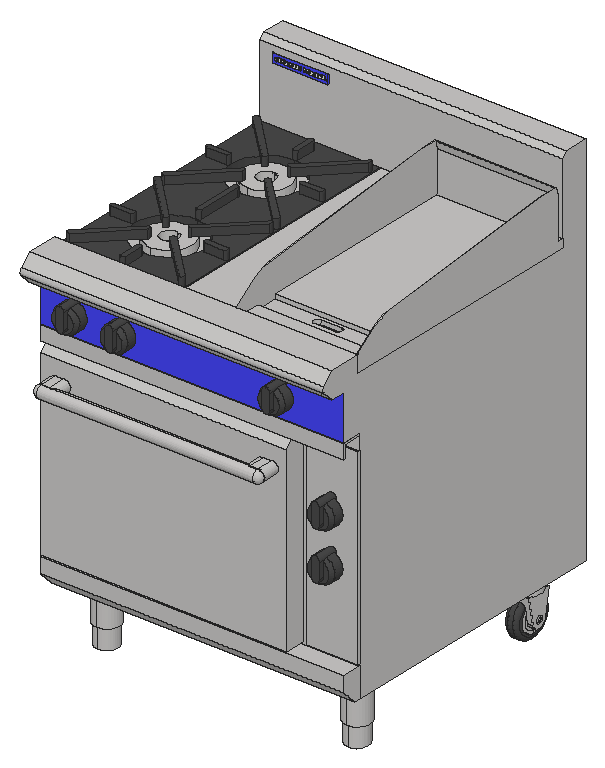
Revit family "QF_MOFFAT_BLUESEAL_CE_GE505C", category Specialty Equipment, Revit 2012 (continued)
Automatic sketch dimensions
  curve 86 to curve 118 = 11.403 mm
  curve 86 to curve 80 = 18 mm
  curve 88 to curve 82 = 18 mm
  curve 82 to curve 83 = 8 mm
  curve 84 to curve 85 = 8 mm
  curve 80 to curve 81 = 8 mm
  plane 14 to curve 76 = 2.963 mm
  curve 74 to curve 75 = 8 mm
  curve 78 to curve 79 = 8 mm
  curve 76 to curve 76 = 8 mm
  curve 74 to curve 69 = 18 mm
  curve 78 to curve 72 = 18 mm
  curve 76 to curve 70 = 18 mm
  curve 68 to curve 68 = 8 mm
  curve 72 to curve 72 = 8 mm
  curve 70 to curve 70 = 8 mm
  curve 114 to plane 8 "Center X" = 42.358 mm
  curve 70 to curve 64 = 18 mm
  curve 68 to curve 63 = 18 mm
  curve 72 to curve 67 = 18 mm
  curve 62 to curve 63 = 8 mm
  curve 66 to curve 67 = 8 mm
  curve 64 to curve 65 = 8 mm
  plane 8 "Center X" to curve 125 = 6.73 mm
  plane 8 "Center X" to curve 58 = 10.963 mm
  curve 125 to curve 7 = 8.27 mm
  curve 60 to curve 61 = 8 mm
  curve 58 to curve 58 = 8 mm
  curve 56 to curve 56 = 8 mm
  curve 7 to curve 130 = 8.27 mm
  curve 56 to curve 51 = 18 mm
  curve 60 to curve 55 = 18 mm
  curve 58 to curve 53 = 18 mm
  curve 50 to curve 51 = 8 mm
  curve 52 to curve 53 = 8 mm
  curve 54 to curve 54 = 8 mm
  plane 8 "Center X" to curve 114 = 74.222 mm
  curve 54 to curve 48 = 18 mm
  curve 52 to curve 47 = 18 mm
  curve 50 to curve 44 = 18 mm
  curve 48 to curve 49 = 8 mm
  curve 46 to curve 46 = 8 mm
  curve 44 to curve 44 = 8 mm
  curve 48 to curve 42 = 18 mm
  curve 44 to curve 38 = 18 mm
  curve 46 to curve 41 = 18 mm
  curve 40 to curve 41 = 8 mm
  curve 38 to curve 38 = 8 mm
  curve 42 to curve 42 = 8 mm
  curve 114 to curve 129 = 62.185 mm
  curve 130 to curve 129 = 0 mm
  curve 40 to curve 35 = 18 mm
  curve 42 to curve 36 = 18 mm
  curve 38 to curve 32 = 18 mm
  curve 34 to curve 34 = 8 mm
  curve 36 to curve 36 = 8 mm
  curve 32 to curve 33 = 8 mm
  curve 129 to curve 132 = 28.593 mm
  curve 130 to curve 131 = 28.593 mm
  curve 34 to curve 28 = 18 mm
  curve 32 to curve 27 = 18 mm
  curve 36 to curve 30 = 18 mm
  curve 26 to curve 26 = 8 mm
  curve 30 to curve 31 = 8 mm
  curve 28 to curve 28 = 8 mm
  curve 129 to curve 139 = 64.187 mm
  curve 140 to curve 139 = 0 mm
  curve 26 to curve 21 = 18 mm
  curve 30 to curve 24 = 18 mm
  curve 28 to curve 22 = 18 mm
  curve 24 to curve 25 = 8 mm
  curve 22 to curve 22 = 8 mm
  curve 20 to curve 21 = 8 mm
  curve 22 to curve 17 = 18 mm
  curve 24 to curve 18 = 18 mm
  curve 20 to curve 15 = 18 mm
  curve 128 to plane 9 = 49.16 mm
  curve 16 to curve 17 = 8 mm
  curve 14 to curve 15 = 8 mm
  curve 18 to curve 18 = 8 mm
  curve 18 to curve 12 = 18 mm
  curve 14 to curve 9 = 18 mm
  curve 16 to curve 10 = 18 mm
  curve 8 to curve 9 = 8 mm
  curve 12 to curve 12 = 8 mm
  curve 10 to curve 11 = 8 mm
  plane 9 to curve 128 = 3.719 mm
  plane 9 to curve 140 = 7.73 mm
  plane 9 to curve 6 = 30 mm
  Extrusion 1 sketch curve to plane 10 "Base Height" = 0 mm
  Extrusion 1 sketch curve to plane 16 = 0 mm
  Extrusion 1 sketch curve to plane 1 "BACK" = 0 mm
  plane 9 to Extrusion 1 sketch curve = 42.5 mm
  plane 9 to Extrusion 1 sketch curve = 30 mm
  Extrusion 1 sketch curve to plane 5 "FRONT" = 113 mm
  Extrusion 1 sketch curve to plane 5 "FRONT" = 107 mm
  Extrusion 1 sketch curve to Extrusion 1 sketch curve = 50 mm
  Extrusion 1 sketch curve to plane 5 "FRONT" = 28.03 mm
  Extrusion 1 sketch curve to plane 5 "FRONT" = 27.03 mm
  Extrusion 1 sketch curve to plane 5 "FRONT" = 12.032 mm
  Extrusion 1 sketch curve to plane 5 "FRONT" = 3.531 mm  (x2)
  Extrusion 1 sketch curve to Extrusion 1 sketch curve = 135 mm
  Extrusion 1 sketch curve to Extrusion 1 sketch curve = 25 mm
  Extrusion 1 sketch curve to Extrusion 1 sketch curve = 23.499 mm
  Extrusion 1 sketch curve to Extrusion 1 sketch curve = 8.501 mm
  Extrusion 1 sketch curve to plane 16 = 12.5 mm
  plane 12 to Extrusion 2 sketch curve = 0.062 mm
  plane 1 "BACK" to Extrusion 2 sketch curve = 32 mm
  Revolve 3 sketch curve to plane 10 "Base Height" = 0 mm
  Revolve 3 sketch curve to level = 0 mm
  level to Revolve 3 sketch curve = 50 mm
  Revolve 3 sketch curve to plane 5 "FRONT" = 155.25 mm
  Revolve 3 sketch curve to Revolve 3 sketch curve = 4.25 mm
  Revolve 3 sketch curve to Revolve 3 sketch curve = 27.5 mm  (x2)
  Revolve 3 sketch curve to Revolve 3 sketch curve = 55 mm
  Revolve 3 sketch curve to Revolve 3 sketch curve = 0 mm
  plane 9 to Extrusion 4 sketch curve = 29 mm
  Extrusion 4 sketch curve to Extrusion 4 sketch curve = 3 mm  (x3)
  Extrusion 4 sketch curve to plane 9 = 137.5 mm
  Extrusion 4 sketch curve to plane 14 = 37.768 mm
  Extrusion 4 sketch curve to plane 5 "FRONT" = 110 mm  (x2)
  Extrusion 4 sketch curve to plane 11 = 84.2 mm  (x2)
  Extrusion 4 sketch curve to plane 7 "Center Y" = 78 mm
  Extrusion 5 sketch curve to Extrusion 4 = 19.102 mm  (x2)
  Extrusion 5 sketch curve to Extrusion 5 sketch curve = 4.525 mm  (x16)
  Extrusion 5 sketch curve to Extrusion 4 = 27.593 mm
  Extrusion 5 sketch curve to Extrusion 5 sketch curve = 48.456 mm  (x4)
  Extrusion 5 sketch curve to Extrusion 5 sketch curve = 50.976 mm
  Extrusion 5 sketch curve to Extrusion 5 sketch curve = 0 mm  (x4)
  Extrusion 5 sketch curve to Extrusion 4 = 9.156 mm  (x2)
  Extrusion 5 sketch curve to Extrusion 5 sketch curve = 27.39 mm  (x2)
  Extrusion 5 sketch curve to Extrusion 5 sketch curve = 6.4 mm  (x7)
  Extrusion 5 sketch curve to Extrusion 5 sketch curve = 20.658 mm  (x2)
  Extrusion 5 sketch curve to Extrusion 5 sketch curve = 55.923 mm
  Extrusion 5 sketch curve to Extrusion 4 = 5.102 mm  (x3)
  Extrusion 5 sketch curve to Extrusion 5 sketch curve = 128.581 mm  (x2)
  Extrusion 5 sketch curve to Extrusion 4 = 6.102 mm  (x2)
  Extrusion 5 sketch curve to Extrusion 4 = 14.153 mm
  Extrusion 5 sketch curve to Extrusion 5 sketch curve = 12.205 mm  (x2)
  Extrusion 5 sketch curve to Extrusion 4 = 15.153 mm  (x2)
  Extrusion 5 sketch curve to Extrusion 5 sketch curve = 112.454 mm
  Extrusion 5 sketch curve to Extrusion 5 sketch curve = 59.673 mm
  Extrusion 5 sketch curve to Extrusion 5 sketch curve = 17.024 mm  (x2)
  Extrusion 5 sketch curve to Extrusion 4 = 9.908 mm  (x2)
  Extrusion 5 sketch curve to Extrusion 5 sketch curve = 46.847 mm  (x2)
  Extrusion 5 sketch curve to Extrusion 5 sketch curve = 62.169 mm
  Extrusion 5 sketch curve to Extrusion 4 = 36.153 mm  (x2)
  Extrusion 5 sketch curve to Extrusion 4 = 23.4 mm
  Extrusion 5 sketch curve to Extrusion 5 sketch curve = 55.413 mm  (x2)
  Extrusion 5 sketch curve to Extrusion 5 sketch curve = 20.524 mm  (x3)
  Extrusion 5 sketch curve to Extrusion 5 sketch curve = 53.847 mm  (x4)
  Extrusion 5 sketch curve to Extrusion 4 = 58.364 mm
  Revolve 6 sketch curve to plane 10 "Base Height" = 0 mm
  Revolve 6 sketch curve to level = 0 mm
  level to Revolve 6 sketch curve = 50 mm
  Revolve 6 sketch curve to plane 5 "FRONT" = 155.25 mm
  Revolve 6 sketch curve to Revolve 6 sketch curve = 4.25 mm
  Revolve 6 sketch curve to Revolve 6 sketch curve = 27.5 mm  (x2)
  Revolve 6 sketch curve to Revolve 6 sketch curve = 0 mm
  Revolve 6 sketch curve to Revolve 6 sketch curve = 55 mm
  Extrusion 1 to Extrusion 7 sketch curve = 0 mm
  Extrusion 7 sketch curve to Extrusion 1 = 1 mm
  Extrusion 1 to Extrusion 7 sketch curve = 300 mm
  Extrusion 7 sketch curve to Extrusion 7 sketch curve = 150 mm
  plane 12 to Extrusion 8 sketch curve = 5 mm
  Extrusion 8 sketch curve to plane 6 "TOP" = 277.5 mm
  Extrusion 8 sketch curve to plane 12 = 10 mm
  plane 10 "Base Height" to Extrusion 8 sketch curve = 77.5 mm
  Split face 1 sketch curve to Extrusion 7 = 45.037 mm
  Split face 1 sketch curve to Extrusion 7 = 27.576 mm
  Split face 2 sketch curve to Extrusion 7 = 45.037 mm
  Split face 2 sketch curve to Extrusion 7 = 75 mm
  Split face 3 sketch curve to Extrusion 7 = 45.037 mm
  Split face 3 sketch curve to Extrusion 7 = 27.576 mm
  Split face 4 sketch curve to Extrusion 7 = 27.576 mm
  Split face 4 sketch curve to Extrusion 7 = 79.037 mm
  Split face 5 sketch curve to Extrusion 7 = 79.037 mm
  Split face 5 sketch curve to Extrusion 7 = 75 mm
  Split face 6 sketch curve to Extrusion 7 = 27.576 mm
  Split face 6 sketch curve to Extrusion 7 = 79.037 mm
  Split face 7 sketch curve to Extrusion 7 = 27.576 mm
  Split face 7 sketch curve to Extrusion 7 = 113.037 mm
  Split face 8 sketch curve to Extrusion 7 = 113.037 mm
  Split face 8 sketch curve to Extrusion 7 = 75 mm
  Split face 9 sketch curve to Extrusion 7 = 27.576 mm
  Split face 9 sketch curve to Extrusion 7 = 113.037 mm
  Split face 10 sketch curve to Extrusion 7 = 27.576 mm
  Split face 10 sketch curve to Extrusion 7 = 147.037 mm
  Split face 11 sketch curve to Extrusion 7 = 147.037 mm
  Split face 11 sketch curve to Extrusion 7 = 75 mm
  Split face 12 sketch curve to Extrusion 7 = 27.576 mm
  Split face 12 sketch curve to Extrusion 7 = 147.037 mm
  Split face 13 sketch curve to Extrusion 7 = 27.576 mm
  Split face 13 sketch curve to Extrusion 7 = 181.037 mm
  Split face 14 sketch curve to Extrusion 7 = 75 mm
  Split face 14 sketch curve to Extrusion 7 = 181.037 mm
  Split face 15 sketch curve to Extrusion 7 = 27.576 mm
  Split face 15 sketch curve to Extrusion 7 = 181.037 mm
  Split face 16 sketch curve to Extrusion 7 = 27.576 mm
  Split face 16 sketch curve to Extrusion 7 = 215.037 mm
  Split face 17 sketch curve to Extrusion 7 = 75 mm
  Split face 17 sketch curve to Extrusion 7 = 215.037 mm
  Split face 18 sketch curve to Extrusion 7 = 27.576 mm
  Split face 18 sketch curve to Extrusion 7 = 215.037 mm
  Split face 19 sketch curve to Extrusion 7 = 27.576 mm
  Split face 19 sketch curve to Extrusion 7 = 249.037 mm
  Split face 20 sketch curve to Extrusion 7 = 75 mm
  Split face 20 sketch curve to Extrusion 7 = 249.037 mm
  Split face 21 sketch curve to Extrusion 7 = 27.576 mm
  Split face 21 sketch curve to Extrusion 7 = 249.037 mm
  Split face 22 sketch curve to Extrusion 7 = 27.576 mm
  Split face 22 sketch curve to Extrusion 7 = 283.037 mm
  Split face 23 sketch curve to Extrusion 7 = 75 mm
  Split face 23 sketch curve to Extrusion 7 = 283.037 mm
  Split face 24 sketch curve to Extrusion 7 = 27.576 mm
  Split face 24 sketch curve to Extrusion 7 = 283.037 mm
  Split face 25 sketch curve to Extrusion 7 = 27.576 mm
  Split face 25 sketch curve to Extrusion 7 = 316.963 mm
  Split face 26 sketch curve to Extrusion 7 = 75 mm
  Split face 26 sketch curve to Extrusion 7 = 316.963 mm
  Split face 27 sketch curve to Extrusion 7 = 27.576 mm
  Split face 27 sketch curve to Extrusion 7 = 316.963 mm
  Split face 28 sketch curve to Extrusion 7 = 27.576 mm
  Split face 28 sketch curve to Extrusion 7 = 282.963 mm
  Split face 29 sketch curve to Extrusion 7 = 75 mm
  Split face 29 sketch curve to Extrusion 7 = 282.963 mm
  Split face 30 sketch curve to Extrusion 7 = 27.576 mm
  Split face 30 sketch curve to Extrusion 7 = 282.963 mm
  Split face 31 sketch curve to Extrusion 7 = 27.576 mm
  Split face 31 sketch curve to Extrusion 7 = 248.963 mm
  Split face 32 sketch curve to Extrusion 7 = 75 mm
  Split face 32 sketch curve to Extrusion 7 = 248.963 mm
  Split face 33 sketch curve to Extrusion 7 = 27.576 mm
  Split face 33 sketch curve to Extrusion 7 = 248.963 mm
  Split face 34 sketch curve to Extrusion 7 = 27.576 mm
  Split face 34 sketch curve to Extrusion 7 = 214.963 mm
  Split face 35 sketch curve to Extrusion 7 = 75 mm
  Split face 35 sketch curve to Extrusion 7 = 214.963 mm
  Split face 36 sketch curve to Extrusion 7 = 27.576 mm
  Split face 36 sketch curve to Extrusion 7 = 214.963 mm
  Split face 37 sketch curve to Extrusion 7 = 27.576 mm
  Split face 37 sketch curve to Extrusion 7 = 180.963 mm
  Split face 38 sketch curve to Extrusion 7 = 75 mm
  Split face 38 sketch curve to Extrusion 7 = 180.963 mm
  Split face 39 sketch curve to Extrusion 7 = 27.576 mm
  Split face 39 sketch curve to Extrusion 7 = 180.963 mm
  Split face 40 sketch curve to Extrusion 7 = 27.576 mm
  Split face 40 sketch curve to Extrusion 7 = 146.963 mm
  Split face 41 sketch curve to Extrusion 7 = 146.963 mm
  Split face 41 sketch curve to Extrusion 7 = 75 mm
  Split face 42 sketch curve to Extrusion 7 = 27.576 mm
  Split face 42 sketch curve to Extrusion 7 = 146.963 mm
  Split face 43 sketch curve to Extrusion 7 = 27.576 mm
  Split face 43 sketch curve to Extrusion 7 = 112.963 mm
  Split face 44 sketch curve to Extrusion 7 = 112.963 mm
  Split face 44 sketch curve to Extrusion 7 = 75 mm
  Split face 45 sketch curve to Extrusion 7 = 27.576 mm
  Split face 45 sketch curve to Extrusion 7 = 112.963 mm
  Split face 46 sketch curve to Extrusion 7 = 27.576 mm
  Split face 46 sketch curve to Extrusion 7 = 78.963 mm
  Split face 47 sketch curve to Extrusion 7 = 78.963 mm
  Split face 47 sketch curve to Extrusion 7 = 75 mm
  Split face 48 sketch curve to Extrusion 7 = 27.576 mm
  Split face 48 sketch curve to Extrusion 7 = 78.963 mm
  Split face 49 sketch curve to Extrusion 7 = 44.963 mm
  Split face 49 sketch curve to Extrusion 7 = 27.576 mm
  Split face 50 sketch curve to Extrusion 7 = 44.963 mm
  Split face 50 sketch curve to Extrusion 7 = 75 mm
  Split face 51 sketch curve to Extrusion 7 = 44.963 mm
  Split face 51 sketch curve to Extrusion 7 = 27.576 mm
  Revolve 9 sketch curve to plane 5 "FRONT" = 63 mm
  Revolve 9 sketch curve to Revolve 9 sketch curve = 10 mm
  Revolve 9 sketch curve to Revolve 9 sketch curve = 21.3 mm
  Revolve 9 sketch curve to Revolve 9 sketch curve = 23 mm
  Revolve 9 sketch curve to Revolve 9 sketch curve = 12.7 mm
  Revolve 9 sketch curve to Revolve 9 sketch curve = 0 mm  (x2)
  Revolve 9 sketch curve to plane 6 "TOP" = 174 mm
  Revolve 9 sketch curve to Revolve 9 sketch curve = 5 mm
  Revolve 9 sketch curve to Revolve 9 sketch curve = 26.651 mm
  Revolve 9 sketch curve to Revolve 9 sketch curve = 5.849 mm
  Revolve 10 sketch curve to plane 5 "FRONT" = 19 mm
  Revolve 10 sketch curve to Revolve 10 sketch curve = 0 mm  (x2)
  Revolve 10 sketch curve to Revolve 10 sketch curve = 11 mm
  Revolve 10 sketch curve to Revolve 10 sketch curve = 12.7 mm
  Revolve 10 sketch curve to Revolve 10 sketch curve = 23 mm
  Revolve 10 sketch curve to Revolve 10 sketch curve = 10 mm
  Revolve 10 sketch curve to plane 6 "TOP" = 141.732 mm
  Revolve 10 sketch curve to Revolve 10 sketch curve = 5.849 mm
  Revolve 10 sketch curve to Revolve 10 sketch curve = 27.5 mm
  Revolve 10 sketch curve to Revolve 10 sketch curve = 5 mm
  plane 3 "LEFT" to Extrusion 11 sketch curve = 100 mm
  Extrusion 11 sketch curve to Extrusion 11 sketch curve = 10 mm
  Extrusion 11 sketch curve to plane 6 "TOP" = 147.105 mm
  Extrusion 11 sketch curve to Extrusion 11 sketch curve = 39 mm
  Extrusion 12 sketch curve to plane 7 "Center Y" = 153.818 mm
  Extrusion 12 sketch curve to Extrusion 12 sketch curve = 10 mm
  Extrusion 12 sketch curve to plane 6 "TOP" = 147.105 mm
  Extrusion 12 sketch curve to Extrusion 12 sketch curve = 39 mm
  Revolve 13 sketch curve to plane 5 "FRONT" = 63 mm
  Revolve 13 sketch curve to Revolve 13 sketch curve = 10 mm
  Revolve 13 sketch curve to Revolve 13 sketch curve = 21.3 mm
  Revolve 13 sketch curve to Revolve 13 sketch curve = 23 mm
  Revolve 13 sketch curve to Revolve 13 sketch curve = 12.7 mm
  Revolve 13 sketch curve to Revolve 13 sketch curve = 0 mm  (x2)
  Revolve 13 sketch curve to plane 6 "TOP" = 141.5 mm
  Revolve 13 sketch curve to Revolve 13 sketch curve = 5.849 mm
  Revolve 13 sketch curve to Revolve 13 sketch curve = 27.5 mm
  Revolve 13 sketch curve to Revolve 13 sketch curve = 5 mm
  Extrusion 14 sketch curve to plane 12 = 30 mm
  Extrusion 14 sketch curve to Extrusion 14 sketch curve = 10 mm
  Extrusion 14 sketch curve to plane 6 "TOP" = 186.105 mm
  Extrusion 14 sketch curve to Extrusion 14 sketch curve = 39 mm
  Revolve 15 sketch curve to plane 5 "FRONT" = 63.5 mm
  Revolve 15 sketch curve to Revolve 15 sketch curve = 0 mm  (x2)
  Revolve 15 sketch curve to Revolve 15 sketch curve = 11 mm
  Revolve 15 sketch curve to Revolve 15 sketch curve = 12.7 mm
  Revolve 15 sketch curve to Revolve 15 sketch curve = 23 mm
  Revolve 15 sketch curve to Revolve 15 sketch curve = 10 mm
  plane 10 "Base Height" to Revolve 15 sketch curve = 402.134 mm
  Revolve 15 sketch curve to Revolve 15 sketch curve = 5 mm
  Revolve 15 sketch curve to Revolve 15 sketch curve = 26.651 mm
  Revolve 15 sketch curve to Revolve 15 sketch curve = 5.849 mm
  Extrusion 16 sketch curve to plane 15 = 1.529 mm
  Extrusion 16 sketch curve to plane 13 = 2.529 mm
  plane 10 "Base Height" to Extrusion 16 sketch curve = 390.261 mm
  Extrusion 16 sketch curve to Extrusion 16 sketch curve = 39 mm
  Extrusion 17 sketch curve to plane 5 "FRONT" = 63 mm
  plane 10 "Base Height" to Extrusion 17 sketch curve = 77.5 mm
  plane 5 "FRONT" to Extrusion 17 sketch curve = 399.516 mm
  plane 13 to Extrusion 18 sketch curve = 4 mm
  Extrusion 18 sketch curve to plane 12 = 20 mm
  Extrusion 18 sketch curve to plane 12 = 68.5 mm
  Extrusion 18 sketch curve to plane 1 "BACK" = 30.24 mm
  plane 1 "BACK" to Extrusion 18 sketch curve = 38.76 mm
  plane 9 to Extrusion 18 sketch curve = 12.74 mm
  plane 4 "RIGHT" to Extrusion 19 sketch curve = 0 mm
  Extrusion 19 sketch curve to plane 6 "TOP" = 270 mm
  plane 12 to Extrusion 19 sketch curve = 5 mm
  plane 10 "Base Height" to Extrusion 19 sketch curve = 77.5 mm
  Extrusion 20 sketch curve to Extrusion 20 sketch curve = 0 mm  (x4)
  Extrusion 1 to Extrusion 20 sketch curve = 167.5 mm
  Extrusion 20 sketch curve to Extrusion 1 = 167.5 mm
  Extrusion 1 to Extrusion 20 sketch curve = 150 mm  (x2)
  curve 119 to curve 120 = 0 mm  (x2)
  curve 119 to curve 123 = 0 mm  (x2)
  curve 119 to curve 124 = 0 mm  (x2)
  curve 120 to curve 123 = 0 mm  (x2)
  curve 120 to curve 124 = 0 mm  (x2)
  curve 121 to curve 122 = 0 mm  (x2)
  curve 123 to curve 124 = 0 mm  (x2)
  curve 133 to curve 134 = 0 mm  (x2)
  curve 133 to curve 135 = 0 mm  (x2)
  curve 133 to curve 136 = 0 mm  (x2)
  curve 133 to curve 137 = 0 mm  (x2)
  curve 133 to curve 138 = 0 mm  (x2)
  curve 134 to curve 135 = 0 mm  (x2)
  curve 134 to curve 136 = 0 mm  (x2)
  curve 134 to curve 137 = 0 mm  (x2)
  curve 134 to curve 138 = 0 mm  (x2)
  curve 135 to curve 136 = 0 mm  (x2)
  curve 135 to curve 137 = 0 mm  (x2)
  curve 135 to curve 138 = 0 mm  (x2)
  curve 136 to curve 137 = 0 mm  (x2)
  curve 136 to curve 138 = 0 mm  (x2)
  curve 137 to curve 138 = 0 mm  (x2)
  curve 158 to plane 4 "RIGHT" = 0 mm
  curve 159 to plane 4 "RIGHT" = 0 mm
  curve 159 to plane 3 "LEFT" = 0 mm
  curve 158 to plane 3 "LEFT" = 0 mm
  plane 4 "RIGHT" to curve 154 = 26.545 mm
  curve 155 to curve 156 = 4.041 mm
  curve 155 to curve 153 = 8.66 mm
  curve 154 to curve 156 = 4.041 mm
  plane 1 "BACK" to curve 152 = 35.385 mm
  plane 7 "Center Y" to curve 152 = 111.836 mm
  curve 152 to curve 149 = 4.041 mm
  plane 1 "BACK" to curve 151 = 40.385 mm
  curve 153 to curve 151 = 8.66 mm
  plane 1 "BACK" to curve 151 = 33.385 mm
  curve 151 to curve 151 = 4.041 mm
  plane 7 "Center Y" to curve 157 = 75 mm
  plane 1 "BACK" to curve 143 = 30.385 mm
  curve 143 to plane 7 "Center Y" = 101.545 mm
  plane 1 "BACK" to curve 143 = 23.385 mm
  curve 143 to curve 143 = 4.041 mm
  curve 143 to curve 144 = 8.66 mm
  curve 143 to curve 142 = 8.66 mm
  plane 3 "LEFT" to curve 138 = 150 mm
  plane 14 to curve 119 = 19.5 mm
  plane 3 "LEFT" to curve 119 = 150 mm
  curve 121 to curve 119 = 0 mm
  plane 3 "LEFT" to curve 146 = 36.836 mm
  curve 146 to curve 148 = 4.041 mm
  curve 145 to curve 147 = 8.66 mm
  curve 147 to curve 147 = 4.041 mm
  plane 1 "BACK" to curve 148 = 18.385 mm
  curve 150 to curve 150 = 15 mm
  curve 156 to curve 155 = 5 mm
  curve 141 to curve 148 = 10 mm
  curve 156 to curve 155 = 7 mm
  curve 142 to curve 144 = 7 mm
  curve 148 to curve 146 = 7 mm
  curve 147 to curve 159 = 17.115 mm
  plane 9 to curve 157 = 30 mm
  curve 133 to plane 9 = 52.5 mm
  curve 133 to curve 135 = 28 mm
  curve 135 to curve 138 = 35 mm
  curve 137 to curve 136 = 22 mm
  curve 122 to curve 119 = 27.732 mm
  curve 124 to plane 14 = 15.5 mm
  curve 123 to curve 124 = 22 mm
  curve 119 to curve 122 = 0.268 mm
  curve 157 to plane 5 "FRONT" = 107 mm
  curve 158 to plane 5 "FRONT" = 28.03 mm
  plane 3 "LEFT" to Extrusion 21 sketch curve = 58.528 mm
  Extrusion 21 sketch curve to plane 6 "TOP" = 361.875 mm  (x2)
  Extrusion 21 sketch curve to plane 12 = 67.243 mm
  Extrusion 21 sketch curve to Extrusion 21 sketch curve = 15 mm  (x2)
  Extrusion 21 sketch curve to Extrusion 21 sketch curve = 20.282 mm  (x2)
  Revolve 22 sketch curve to plane 3 "LEFT" = 6.961 mm
  plane 3 "LEFT" to Revolve 22 sketch curve = 23.246 mm
  Revolve 22 sketch curve to Revolve 22 sketch curve = 15 mm
  Revolve 22 sketch curve to plane 12 = 46.961 mm
  Revolve 22 sketch curve to Revolve 22 sketch curve = 0 mm  (x2)
  Revolve 22 sketch curve to plane 6 "TOP" = 346.875 mm
  Extrusion 23 sketch curve to plane 5 "FRONT" = 63 mm
  Extrusion 23 sketch curve to Extrusion 23 sketch curve = 24 mm  (x2)
  Extrusion 23 sketch curve to Extrusion 23 sketch curve = 26 mm
  plane 10 "Base Height" to Extrusion 23 sketch curve = 77.5 mm
  Extrusion 23 sketch curve to plane 6 "TOP" = 294 mm
  Extrusion 24 sketch curve to plane 5 "FRONT" = 63 mm
  Extrusion 24 sketch curve to Extrusion 24 sketch curve = 3.02 mm
  Extrusion 24 sketch curve to Extrusion 24 sketch curve = 44.98 mm
  Extrusion 24 sketch curve to plane 6 "TOP" = 267 mm
  Extrusion 24 sketch curve to Extrusion 24 sketch curve = 32 mm
  Extrusion 24 sketch curve to Extrusion 24 sketch curve = 3 mm
  Extrusion 25 sketch curve to plane 10 "Base Height" = 0 mm
  Extrusion 25 sketch curve to plane 5 "FRONT" = 63 mm
  Extrusion 25 sketch curve to Extrusion 25 sketch curve = 36 mm
  Extrusion 25 sketch curve to Extrusion 25 sketch curve = 50 mm
  plane 10 "Base Height" to Extrusion 25 sketch curve = 36 mm
  Extrusion 25 sketch curve to Extrusion 25 sketch curve = 36.5 mm
  Split face 52 sketch curve to cut or joined group of Extrusion 1, Extrusion 8, Extrusion 18, Extrusion 19 = 27.115 mm
  Split face 52 sketch curve to cut or joined group of Extrusion 1, Extrusion 8, Extrusion 18, Extrusion 19 = 273.455 mm
  Split face 52 sketch curve to cut or joined group of Extrusion 1, Extrusion 8, Extrusion 18, Extrusion 19 = 23.385 mm
  Split face 52 sketch curve to Split face 52 sketch curve = 4.041 mm  (x4)
  Split face 52 sketch curve to Split face 52 sketch curve = 8.66 mm  (x2)
  Split face 52 sketch curve to cut or joined group of Extrusion 1, Extrusion 8, Extrusion 18, Extrusion 19 = 22.115 mm
  Split face 52 sketch curve to cut or joined group of Extrusion 1, Extrusion 8, Extrusion 18, Extrusion 19 = 36.836 mm
  Split face 52 sketch curve to Split face 52 sketch curve = 17 mm
  Split face 52 sketch curve to Split face 52 sketch curve = 7 mm  (x2)
  Split face 53 sketch curve to cut or joined group of Extrusion 1, Extrusion 8, Extrusion 18, Extrusion 19 = 26.545 mm
  Split face 53 sketch curve to Split face 53 sketch curve = 4.041 mm  (x4)
  Split face 53 sketch curve to Split face 53 sketch curve = 8.66 mm  (x2)
  Split face 53 sketch curve to cut or joined group of Extrusion 1, Extrusion 8, Extrusion 18, Extrusion 19 = 22.115 mm
  Split face 53 sketch curve to Split face 53 sketch curve = 223.917 mm
  Split face 53 sketch curve to cut or joined group of Extrusion 1, Extrusion 8, Extrusion 18, Extrusion 19 = 17.115 mm
  Split face 53 sketch curve to Split face 53 sketch curve = 10 mm
  Split face 53 sketch curve to Split face 53 sketch curve = 7 mm  (x3)
  Extrusion 27 sketch curve to plane 9 = 0 mm
  Extrusion 27 sketch curve to plane 9 = 19.393 mm
  Extrusion 27 sketch curve to plane 9 = 31.75 mm
  plane 9 to Extrusion 27 sketch curve = 19.393 mm
  plane 9 to Extrusion 27 sketch curve = 31.75 mm
  level to Extrusion 27 sketch curve = 45.111 mm
  Extrusion 27 sketch curve to Extrusion 27 sketch curve = 4.889 mm
  Extrusion 27 sketch curve to plane 10 "Base Height" = 40 mm
  Revolve 28 sketch curve to plane 10 "Base Height" = 0 mm
  Revolve 28 sketch curve to plane 9 = 0 mm  (x2)
  Revolve 28 sketch curve to Revolve 28 sketch curve = 35.75 mm
  Revolve 28 sketch curve to plane 10 "Base Height" = 40 mm
  level to Revolve 28 sketch curve = 50 mm
  Revolve 28 sketch curve to level = 55 mm
  Revolve 29 sketch curve to plane 10 "Base Height" = 0 mm
  Revolve 29 sketch curve to plane 9 = 0 mm  (x2)
  Revolve 29 sketch curve to plane 9 = 35.75 mm
  Revolve 29 sketch curve to plane 10 "Base Height" = 40 mm
  level to Revolve 29 sketch curve = 50 mm
  Revolve 29 sketch curve to level = 55 mm
  plane 15 to Revolve 30 sketch curve = 25.382 mm
  Revolve 30 sketch curve to Revolve 30 sketch curve = 1.27 mm  (x4)
  Revolve 30 sketch curve to Revolve 30 sketch curve = 1.524 mm  (x2)
  plane 15 to Revolve 30 sketch curve = 10.442 mm
  plane 15 to Revolve 30 sketch curve = 7.68 mm
  Revolve 30 sketch curve to Revolve 30 sketch curve = 0.794 mm  (x2)
  Revolve 30 sketch curve to Revolve 30 sketch curve = 3.57 mm
  Revolve 30 sketch curve to Revolve 30 sketch curve = 2.143 mm
  Revolve 30 sketch curve to plane 15 = 2.639 mm
  Revolve 30 sketch curve to plane 13 = 5.13 mm
  Revolve 30 sketch curve to plane 13 = 6.339 mm
  Revolve 30 sketch curve to plane 13 = 14.515 mm
  Revolve 30 sketch curve to Revolve 30 sketch curve = 1.349 mm  (x2)
  Revolve 30 sketch curve to Revolve 30 sketch curve = 3.556 mm
  Revolve 30 sketch curve to Revolve 30 sketch curve = 12.146 mm
  Revolve 30 sketch curve to plane 4 "RIGHT" = 2.68 mm
  level to Revolve 30 sketch curve = 50.8 mm
  Revolve 30 sketch curve to Revolve 30 sketch curve = 0 mm
  Revolve 30 sketch curve to Revolve 30 sketch curve = 3.505 mm  (x2)
  Revolve 30 sketch curve to Revolve 30 sketch curve = 3.447 mm  (x2)
  Revolve 30 sketch curve to Revolve 30 sketch curve = 9.964 mm
  Revolve 30 sketch curve to Revolve 30 sketch curve = 10.045 mm
  Revolve 30 sketch curve to Revolve 30 sketch curve = 2.053 mm
  Revolve 30 sketch curve to Revolve 30 sketch curve = 2.061 mm
  Revolve 30 sketch curve to Revolve 30 sketch curve = 8.247 mm
  Revolve 30 sketch curve to Revolve 30 sketch curve = 8.336 mm
  Revolve 30 sketch curve to Revolve 30 sketch curve = 6.35 mm  (x2)
  Extrusion 31 sketch curve to plane 9 = 0 mm
  Extrusion 31 sketch curve to plane 9 = 19.393 mm
  Extrusion 31 sketch curve to plane 9 = 31.75 mm
  plane 9 to Extrusion 31 sketch curve = 19.393 mm
  plane 9 to Extrusion 31 sketch curve = 31.75 mm
  level to Extrusion 31 sketch curve = 45.111 mm
  Extrusion 31 sketch curve to Extrusion 31 sketch curve = 4.889 mm
  Extrusion 31 sketch curve to plane 10 "Base Height" = 40 mm
  Revolve 32 sketch curve to plane 10 "Base Height" = 0 mm
  Revolve 32 sketch curve to level = 0 mm
  Revolve 32 sketch curve to plane 9 = 0 mm  (x2)
  Revolve 32 sketch curve to Revolve 32 sketch curve = 27.5 mm
  Revolve 32 sketch curve to Revolve 32 sketch curve = 31.75 mm
  Revolve 32 sketch curve to level = 55 mm
  Revolve 32 sketch curve to Revolve 32 sketch curve = 50 mm
  Revolve 32 sketch curve to Revolve 32 sketch curve = 0 mm
  Revolve 33 sketch curve to plane 10 "Base Height" = 0 mm
  Revolve 33 sketch curve to level = 0 mm
  Revolve 33 sketch curve to plane 9 = 0 mm  (x2)
  Revolve 33 sketch curve to Revolve 33 sketch curve = 27.5 mm
  Revolve 33 sketch curve to Revolve 33 sketch curve = 31.75 mm
  level to Revolve 33 sketch curve = 50 mm
  Revolve 33 sketch curve to Revolve 33 sketch curve = 0 mm
  Revolve 33 sketch curve to Revolve 33 sketch curve = 55 mm
  plane 3 "LEFT" to Revolve 34 sketch curve = 99.382 mm
  Revolve 34 sketch curve to Revolve 34 sketch curve = 1.27 mm  (x4)
  Revolve 34 sketch curve to Revolve 34 sketch curve = 1.524 mm  (x2)
  Revolve 34 sketch curve to Revolve 34 sketch curve = 12.146 mm  (x2)
  Revolve 34 sketch curve to Revolve 34 sketch curve = 2.762 mm
  Revolve 34 sketch curve to Revolve 34 sketch curve = 0.794 mm  (x2)
  Revolve 34 sketch curve to Revolve 34 sketch curve = 3.57 mm
  Revolve 34 sketch curve to Revolve 34 sketch curve = 2.143 mm
  Revolve 34 sketch curve to Revolve 34 sketch curve = 9.525 mm
  Revolve 34 sketch curve to Revolve 34 sketch curve = 24.572 mm
  Revolve 34 sketch curve to Revolve 34 sketch curve = 12.7 mm
  Revolve 34 sketch curve to Revolve 34 sketch curve = 8.176 mm
  Revolve 34 sketch curve to Revolve 34 sketch curve = 1.349 mm  (x2)
  Revolve 34 sketch curve to Revolve 34 sketch curve = 3.556 mm
  Revolve 34 sketch curve to plane 3 "LEFT" = 2.68 mm
  Revolve 34 sketch curve to plane 10 "Base Height" = 48.4 mm
  Revolve 34 sketch curve to Revolve 34 sketch curve = 6.35 mm  (x4)
  Revolve 34 sketch curve to Revolve 34 sketch curve = 8.247 mm
  Revolve 34 sketch curve to Revolve 34 sketch curve = 8.336 mm
  Revolve 34 sketch curve to Revolve 34 sketch curve = 2.061 mm
  Revolve 34 sketch curve to Revolve 34 sketch curve = 2.053 mm
  Revolve 34 sketch curve to Revolve 34 sketch curve = 10.045 mm
  Revolve 34 sketch curve to Revolve 34 sketch curve = 9.964 mm
  Revolve 34 sketch curve to Revolve 34 sketch curve = 3.447 mm  (x2)
  Revolve 34 sketch curve to Revolve 34 sketch curve = 3.505 mm
  Revolve 35 sketch curve to plane 5 "FRONT" = 63.5 mm
  Revolve 35 sketch curve to Revolve 35 sketch curve = 0 mm  (x2)
  Revolve 35 sketch curve to Revolve 35 sketch curve = 11 mm
  Revolve 35 sketch curve to Revolve 35 sketch curve = 12.7 mm
  Revolve 35 sketch curve to Revolve 35 sketch curve = 23 mm
  Revolve 35 sketch curve to Revolve 35 sketch curve = 10 mm
  plane 10 "Base Height" to Revolve 35 sketch curve = 282.134 mm
  Revolve 35 sketch curve to Revolve 35 sketch curve = 5 mm
  Revolve 35 sketch curve to Revolve 35 sketch curve = 26.651 mm
  Revolve 35 sketch curve to Revolve 35 sketch curve = 5.849 mm
  Extrusion 36 sketch curve to plane 15 = 1.529 mm
  Extrusion 36 sketch curve to plane 13 = 2.529 mm
  plane 10 "Base Height" to Extrusion 36 sketch curve = 270.261 mm
  Extrusion 36 sketch curve to Extrusion 36 sketch curve = 39 mm
  radius of Extrusion 2 sketch curve = 13.5 mm
  radius of Extrusion 4 sketch curve = 85 mm  (x2)
  radius of Split face 1 sketch curve = 8 mm
  radius of Split face 2 sketch curve = 8 mm
  radius of Split face 3 sketch curve = 8 mm
  radius of Split face 4 sketch curve = 8 mm
  radius of Split face 5 sketch curve = 8 mm
  radius of Split face 6 sketch curve = 8 mm
  radius of Split face 7 sketch curve = 8 mm
  radius of Split face 8 sketch curve = 8 mm
  radius of Split face 9 sketch curve = 8 mm
  radius of Split face 10 sketch curve = 8 mm
  radius of Split face 11 sketch curve = 8 mm
  radius of Split face 12 sketch curve = 8 mm
  radius of Split face 13 sketch curve = 8 mm
  radius of Split face 14 sketch curve = 8 mm
  radius of Split face 15 sketch curve = 8 mm
  radius of Split face 16 sketch curve = 8 mm
  radius of Split face 17 sketch curve = 8 mm
  radius of Split face 18 sketch curve = 8 mm
  radius of Split face 19 sketch curve = 8 mm
  radius of Split face 20 sketch curve = 8 mm
  radius of Split face 21 sketch curve = 8 mm
  radius of Split face 22 sketch curve = 8 mm
  radius of Split face 23 sketch curve = 8 mm
  radius of Split face 24 sketch curve = 8 mm
  radius of Split face 25 sketch curve = 8 mm
  radius of Split face 26 sketch curve = 8 mm
  radius of Split face 27 sketch curve = 8 mm
  radius of Split face 28 sketch curve = 8 mm
  radius of Split face 29 sketch curve = 8 mm
  radius of Split face 30 sketch curve = 8 mm
  radius of Split face 31 sketch curve = 8 mm
  radius of Split face 32 sketch curve = 8 mm
  radius of Split face 33 sketch curve = 8 mm
  radius of Split face 34 sketch curve = 8 mm
  radius of Split face 35 sketch curve = 8 mm
  radius of Split face 36 sketch curve = 8 mm
  radius of Split face 37 sketch curve = 8 mm
  radius of Split face 38 sketch curve = 8 mm
  radius of Split face 39 sketch curve = 8 mm
  radius of Split face 40 sketch curve = 8 mm
  radius of Split face 41 sketch curve = 8 mm
  radius of Split face 42 sketch curve = 8 mm
  radius of Split face 43 sketch curve = 8 mm
  radius of Split face 44 sketch curve = 8 mm
  radius of Split face 45 sketch curve = 8 mm
  radius of Split face 46 sketch curve = 8 mm
  radius of Split face 47 sketch curve = 8 mm
  radius of Split face 48 sketch curve = 8 mm
  radius of Split face 49 sketch curve = 8 mm
  radius of Split face 50 sketch curve = 8 mm
  radius of Split face 51 sketch curve = 8 mm
  radius of Extrusion 20 sketch curve = 57 mm  (x2)
  radius of Extrusion 20 sketch curve = 22 mm  (x2)
  radius of Extrusion 26 sketch curve = 6.35 mm
Nested families
  nested 1: "WALDORF LOGO_FACE BASE" at (32, -70, 1056.385) x (1, 0, 0) z (0, -1, 0), visible <- "Show Logo", type "WALDORF LOGO_FACE BASE", detail levels medium+fine
    with Show Logo yes
  nested 2: "GAS GRIDDLE PLATE 300" at (450, -85, 874.5), type "GAS GRIDDLE PLATE 300"
    with Width 300 mm, Type Mark "", Status "", Specification by User "", Revision Code "", Item Number "", Installed By "", Identify Quantity as Lot yes, Furnished By "", Foodservice Equipment Identifier yes, Depth 620 mm
Connectors
  piping at (620.063, -32, 655)
    settings: on Extrusion 2, index 1, connector radius 0.37402", flow factor 0, pipe flow 0 GPM, pressure drop 0.00 psi, fitting loss kfactor 0, connector angle 0.00°, fixture units 0, engagement length 0 mm, flow configuration 1, flow direction 1, fitting loss method 0, system type 7, joint type 0, gender type 0, connector reference index -1, connector utility 0, adjustable connector no, is connector primary yes, fitting loss table "", connector description "GAS CONNECTION"
  electrical at (676, -501, 148.4), driven by "Volts", driven by "Watts"
    settings: on Extrusion 26, index 2, voltage 400 V, apparent load 5500 VA, apparent load phase1 0 VA, apparent load phase2 0 VA, apparent load phase3 0 VA, power factor 1, load classification "Other", number of poles 1, system type 30, power factor state 1, is connector primary yes, connector utility no, sub classification motor no, connector description "ELECTRICAL CONNECTION"
Definition of nested family "WALDORF LOGO_FACE BASE"
  Parameters (values of type "WALDORF LOGO_FACE BASE")
    Show Logo [instance] = yes
    Default Elevation = 1219.2 mm
  Reference planes
    plane 1 "Center (Front/Back)": y = 0
    plane 2: z = 0
    plane 3 "Center (Left/Right)": x = 0
  Forms (mm)
    Extrusion 1, solid
      sketch origin (0, 0, 0) x (1, 0, 0) y (0, 1, 0)
        loop
          line (-1219.2, 1219.2) -> (-1219.2, -1219.2) -> (1219.2, -1219.2) -> (1219.2, 1219.2) -> (-1219.2, 1219.2)
      from 0 to -304.8
    Extrusion 2, solid, material "QF_Finishes_Blue", visible <- "Show Logo"
      sketch origin (0, -33.217, 0) x (1, 0, 0) y (0, 1, 0)
        loop
          arc (138, 31.942) -> (137.626, 32.844) -> (136.724, 33.217) r 1.276
          line (136.724, 33.217) -> (1.29, 33.217)
          arc (1.29, 33.217) -> (0.378, 32.839) -> (0, 31.927) r 1.29
          line (0, 31.927) -> (0, 11.507)
          arc (0, 11.507) -> (0.378, 10.595) -> (1.29, 10.217) r 1.29
          line (1.29, 10.217) -> (136.71, 10.217)
          arc (136.71, 10.217) -> (137.622, 10.595) -> (138, 11.507) r 1.29
          line (138, 11.507) -> (138, 31.942)
      from 0 to 1.588
    Extrusion 3, solid, material "QF_Finishes_White", visible <- "Show Logo"
      sketch origin (0, -33.217, 1.588) x (1, 0, 0) y (0, 1, 0)
        loop
          arc (108.946, 25.919) -> (107.613, 25.367) -> (107.061, 24.034) r 1.885
          line (107.061, 24.034) -> (107.061, 17.211) -> (112.704, 17.211) -> (112.704, 19.129) -> (115.546, 19.129) -> (115.546, 17.211) -> (121.584, 17.211) -> (121.584, 24.075)
          arc (121.584, 24.075) -> (121.043, 25.379) -> (119.739, 25.919) r 1.845
          line (119.739, 25.919) -> (108.946, 25.919)
        loop
          line (123.478, 25.919) -> (123.478, 17.163) -> (134.904, 17.163) -> (134.904, 19.129) -> (129.246, 19.129) -> (129.246, 25.919) -> (123.478, 25.919)
        loop
          line (112.704, 21.258) -> (115.546, 21.258) -> (115.546, 22.702)
          arc (115.546, 22.702) -> (115.344, 23.188) -> (114.858, 23.389) r 0.687
          line (114.858, 23.389) -> (113.363, 23.389)
          arc (113.363, 23.389) -> (112.897, 23.196) -> (112.704, 22.73) r 0.658
          line (112.704, 22.73) -> (112.704, 21.258)
        loop
          line (105.071, 25.919) -> (93.771, 25.919) -> (93.771, 17.163) -> (105.071, 17.163) -> (105.071, 19.063) -> (99.535, 19.063) -> (99.535, 20.437) -> (105.071, 20.437) -> (105.071, 22.278) -> (99.535, 22.278) -> (99.535, 23.587) -> (105.071, 23.587) -> (105.071, 25.919)
        loop
          line (91.104, 25.919) -> (79.541, 25.919)
          arc (79.541, 25.919) -> (78.558, 25.513) -> (78.152, 24.53) r 1.389
          line (78.152, 24.53) -> (78.152, 22.08)
          arc (78.152, 22.08) -> (78.558, 21.098) -> (79.541, 20.691) r 1.389
          line (79.541, 20.691) -> (86.346, 20.691) -> (86.346, 18.864) -> (83.266, 18.864) -> (83.266, 19.664) -> (78.152, 19.664) -> (78.152, 18.553)
          arc (78.152, 18.553) -> (78.558, 17.57) -> (79.541, 17.163) r 1.389
          line (79.541, 17.163) -> (91.063, 17.163)
          arc (91.063, 17.163) -> (92.045, 17.57) -> (92.452, 18.553) r 1.389
          line (92.452, 18.553) -> (92.452, 20.691)
          arc (92.452, 20.691) -> (92.045, 21.673) -> (91.063, 22.08) r 1.389
          line (91.063, 22.08) -> (83.266, 22.08) -> (83.266, 23.984) -> (86.346, 23.984) -> (86.346, 22.743) -> (92.452, 22.743) -> (92.452, 24.571)
          arc (92.452, 24.571) -> (92.057, 25.524) -> (91.104, 25.919) r 1.348
        loop
          line (70.705, 25.919) -> (59.405, 25.919) -> (59.405, 17.163) -> (70.705, 17.163) -> (70.705, 19.063) -> (65.169, 19.063) -> (65.169, 20.437) -> (70.705, 20.437) -> (70.705, 22.278) -> (65.169, 22.278) -> (65.169, 23.587) -> (70.705, 23.587) -> (70.705, 25.919)
        loop
          line (57.598, 25.919) -> (51.7, 25.919) -> (51.7, 20.18)
          arc (51.7, 20.18) -> (50.63, 19.11) -> (49.56, 20.18) r 1.07
          line (49.56, 20.18) -> (49.56, 25.919) -> (43.663, 25.919) -> (43.663, 19.049)
          arc (43.663, 19.049) -> (44.215, 17.716) -> (45.548, 17.163) r 1.885
          line (45.548, 17.163) -> (55.71, 17.163)
          arc (55.71, 17.163) -> (57.045, 17.716) -> (57.598, 19.051) r 1.887
          line (57.598, 19.051) -> (57.598, 25.919)
        loop
          line (31.62, 25.919) -> (31.62, 17.163) -> (43.046, 17.163) -> (43.046, 19.129) -> (37.388, 19.129) -> (37.388, 25.919) -> (31.62, 25.919)
        loop
          line (15.969, 25.919) -> (15.969, 17.163) -> (28.693, 17.163)
          arc (28.693, 17.163) -> (29.812, 17.627) -> (30.276, 18.746) r 1.582
          line (30.276, 18.746) -> (30.276, 20.447) -> (29.48, 21.243) -> (30.276, 22.039) -> (30.276, 24.332)
          arc (30.276, 24.332) -> (29.811, 25.454) -> (28.688, 25.919) r 1.587
          line (28.688, 25.919) -> (15.969, 25.919)
        loop
          line (21.449, 24.159) -> (21.449, 22.436) -> (23.862, 22.436)
          arc (23.862, 22.436) -> (24.723, 23.298) -> (23.862, 24.159) r 0.861
          line (23.862, 24.159) -> (21.449, 24.159)
        loop
          line (21.449, 20.244) -> (21.449, 18.522) -> (23.862, 18.522)
          arc (23.862, 18.522) -> (24.723, 19.383) -> (23.862, 20.244) r 0.861
          line (23.862, 20.244) -> (21.449, 20.244)
      from 0 to 0.2
    Extrusion 4, solid, material "QF_Finishes_Blue", visible <- "Show Logo"
      sketch origin (-126.498, -31.09, 1.588) x (1, 0, 0) y (0, 1, 0)
        loop
          line (136.738, 23.522) -> (136.738, 15.1)
          arc (136.738, 15.1) -> (140.756, 19.311) -> (136.738, 23.522) r 4.216
      from 0 to 0.2
    Extrusion 5, solid, material "QF_Finishes_Red", visible <- "Show Logo"
      sketch origin (146.849, -31.09, 1.588) x (-1, 0, 0) y (0, -1, 0)
        loop
          arc (136.738, -23.522) -> (140.756, -19.311) -> (136.738, -15.1) r 4.216
          line (136.738, -15.1) -> (136.738, -23.522)
      from 0 to 0.2
  Lines and regions (mm)
    Split face 1
      outline origin (-90.35, -30.793, 1.588) x (1, 0, 0) y (0, 1, 0)
        loop
          circle (100.54, 19.013) r 4.536
  Dimensions and locks
    aligned and locked: plane 2 to Extrusion 1
    aligned and locked: level to Extrusion 1
Definition of nested family "GAS GRIDDLE PLATE 300"
  Parameters (values of type "GAS GRIDDLE PLATE 300")
    Width [instance] = 300 mm
    Weight in Pounds = 0
    URL Cutsheet = ""
    Type Mark [instance] = ""
    Status [instance] = ""
    Specification by User [instance] = ""
    Specification by Manufacturer = ""
    Serial Number = ""
    Seismic Rating = ""
    SMACNA No = ""
    Revision Code [instance] = ""
    Omniclass Number and Title = ""
    NAFEM Spec ID Number = ""
    Masterspec = ""
    Item Number [instance] = ""
    Installed By [instance] = ""
    Identify Quantity as Lot [instance] = yes
    Furnished By [instance] = ""
    Foodservice Equipment Identifier [instance] = yes
    Depth [instance] = 620 mm
    CSI MasterFormat = ""
    CSI Master Format = ""
  Reference planes
    plane 1 "BACK": y = 0
    plane 2: z = 0
    plane 3 "LEFT": x = 0
    plane 4 "RIGHT": x = 300
    plane 5 "FRONT": y = -620
    plane 6 "TOP": z = 142.5
    plane 7 "Center Y": x = 150
    plane 8 "Center X": y = -310
    plane 9: y = -530.997
    plane 10: y = -541.497
    plane 11: y = -503.25
    plane 12: y = -557.737
  Forms (mm)
    Extrusion 1, solid, material "QF_Finishes_Stainless Steel"
      sketch origin (0, 70.003, -874.5) x (0, 1, 0) y (0, 0, 1)
        loop
          line (-70, 875) -> (-70, 997.489) -> (-75.228, 1017) -> (-117.24, 1017) -> (-589.533, 971.523)
          arc (-589.533, 971.523) -> (-614.56, 965.803) -> (-637.306, 953.899) r 100
          line (-637.306, 953.899) -> (-690.003, 917) -> (-690.003, 875) -> (-70, 875)
      from 0 to 1.8
    Extrusion 2, solid, material "QF_Finishes_Stainless Steel"
      sketch origin (600, 70.003, -874.5) x (0, -1, 0) y (0, 0, 1)
        loop
          line (70, 875) -> (690.003, 875) -> (690.003, 917) -> (637.306, 953.899)
          arc (637.306, 953.899) -> (614.56, 965.803) -> (589.533, 971.523) r 100
          line (589.533, 971.523) -> (117.24, 1017) -> (75.228, 1017) -> (70, 997.489) -> (70, 875)
      from 300 to 301.2
    Extrusion 3, solid, material "QF_Finishes_Stainless Steel"
      sketch origin (150, 70.003, -874.5) x (0, 1, 0) y (0, 0, 1)
        loop
          line (-55, 895) -> (-573.253, 895) -> (-573.253, 884.5) -> (-627.74, 884.5) -> (-627.74, 895) -> (-690.003, 895) -> (-690.003, 875) -> (-55, 875) -> (-55, 895)
      from -148.2 to 150
    Extrusion 4, void
      sketch origin (150, -541.497, 10) x (0, -1, 0) y (1, 0, 0)
        loop
          arc (-7.497, 25) -> (-17.497, 35) -> (-27.497, 25) r 10
          line (-27.497, 25) -> (-27.497, -25)
          arc (-27.497, -25) -> (-17.497, -35) -> (-7.497, -25) r 10
          line (-7.497, -25) -> (-7.497, 25)
      from -41.4 to 40.142
    Extrusion 5, solid, material "QF_Finishes_Stainless Steel"
      sketch origin (0, 70.003, -874.5) x (0, 1, 0) y (0, 0, 1)
        loop
          line (-70, 875) -> (-70, 997.489) -> (-75.228, 1017) -> (-76.884, 1017) -> (-71.6, 997.278) -> (-71.6, 875) -> (-70, 875)
      from 0 to 298.8
  Cuts and joins
    Extrusion 4 cuts Extrusion 3
    joined: Extrusion 1, Extrusion 2, Extrusion 3
  Lines and regions (mm)
    symbolic lines
      curve 1: line (300, -503.25, 0) -> (0, -503.25, 0)
      curve 2: line (0, -557.737, 0) -> (300, -557.737, 0)
      curve 3: line (0, -1.68, 0) -> (300, -1.68, 0)
      curve 4: line (300, -1.68, 0) -> (300, -620, 0)
      curve 5: line (0, -620, 0) -> (0, -1.68, 0)
      curve 6: line (0, -620, 0) -> (300, -620, 0)
      curve 7: arc (175, -534, 0) -> (185, -524, 0) -> (175, -514, 0) r 10
      curve 8: line (175, -514, 0) -> (125, -514, 0)
      curve 9: arc (125, -514, 0) -> (115, -524, 0) -> (125, -534, 0) r 10
      curve 10: line (125, -534, 0) -> (175, -534, 0)
  Dimensions and locks
    equal spacing: plane 3 "LEFT", plane 7 "Center Y", plane 4 "RIGHT"
    "Width": plane 3 "LEFT" to plane 4 "RIGHT"
    equal spacing: plane 5 "FRONT", plane 8 "Center X", plane 1 "BACK"
    "Depth": plane 5 "FRONT" to plane 1 "BACK"
    locked: Extrusion 2 to Extrusion 2 at 1.2
    equal spacing: Extrusion 4 sketch curve, plane 7 "Center Y", Extrusion 4 sketch curve, locked at 35 each
    aligned and locked: level to plane 2
    aligned and locked: Extrusion 2 to plane 4 "RIGHT"
    aligned and locked: curve 1 to plane 11
    aligned and locked: plane 12 to curve 2
    aligned and locked: Extrusion 5 to cut or joined group of Extrusion 1, Extrusion 2, Extrusion 3, Extrusion 4
  Automatic sketch dimensions
    Extrusion 1 sketch curve to plane 5 "FRONT" = 0 mm
    Extrusion 1 sketch curve to plane 6 "TOP" = 0 mm
    plane 12 to Extrusion 1 sketch curve = 9.566 mm
    plane 11 to Extrusion 1 sketch curve = 16.28 mm
    Extrusion 1 sketch curve to level = 2.516 mm
    plane 11 to Extrusion 1 sketch curve = 6.695 mm
    plane 1 "BACK" to Extrusion 1 sketch curve = 47.237 mm
    plane 1 "BACK" to Extrusion 1 sketch curve = 5.225 mm
    Extrusion 1 sketch curve to plane 1 "BACK" = 0.003 mm
    level to Extrusion 1 sketch curve = 0.5 mm
    Extrusion 1 sketch curve to Extrusion 1 sketch curve = 42 mm
    Extrusion 1 sketch curve to plane 6 "TOP" = 63.101 mm
    Extrusion 1 sketch curve to plane 6 "TOP" = 19.511 mm
    Extrusion 2 sketch curve to plane 6 "TOP" = 0 mm
    Extrusion 2 sketch curve to plane 5 "FRONT" = 0 mm
    plane 12 to Extrusion 2 sketch curve = 9.566 mm
    plane 11 to Extrusion 2 sketch curve = 16.28 mm
    Extrusion 2 sketch curve to level = 2.516 mm
    plane 11 to Extrusion 2 sketch curve = 6.695 mm
    plane 1 "BACK" to Extrusion 2 sketch curve = 47.237 mm
    plane 1 "BACK" to Extrusion 2 sketch curve = 5.225 mm
    Extrusion 2 sketch curve to plane 1 "BACK" = 0.003 mm
    level to Extrusion 2 sketch curve = 0.5 mm
    Extrusion 2 sketch curve to Extrusion 2 sketch curve = 42 mm
    Extrusion 2 sketch curve to plane 6 "TOP" = 63.101 mm
    Extrusion 2 sketch curve to plane 6 "TOP" = 19.511 mm
    Extrusion 3 sketch curve to plane 5 "FRONT" = 0 mm
    Extrusion 3 sketch curve to plane 12 = 0 mm
    Extrusion 3 sketch curve to plane 11 = 0 mm
    Extrusion 3 sketch curve to plane 1 "BACK" = 15.003 mm
    level to Extrusion 3 sketch curve = 0.5 mm
    level to Extrusion 3 sketch curve = 10 mm
    Extrusion 3 sketch curve to Extrusion 3 sketch curve = 10.5 mm  (x2)
    plane 11 to Extrusion 4 sketch curve = 10.75 mm
    Extrusion 4 sketch curve to Extrusion 4 sketch curve = 10 mm
    Extrusion 4 sketch curve to plane 7 "Center Y" = 25 mm
    plane 1 "BACK" to Extrusion 5 sketch curve = 5.225 mm
    Extrusion 5 sketch curve to plane 1 "BACK" = 0.003 mm
    Extrusion 5 sketch curve to plane 6 "TOP" = 19.511 mm
    Extrusion 5 sketch curve to Extrusion 5 sketch curve = 1.6 mm
    Extrusion 5 sketch curve to Extrusion 5 sketch curve = 0.211 mm
    Extrusion 5 sketch curve to plane 6 "TOP" = 0 mm
    Extrusion 5 sketch curve to Extrusion 5 sketch curve = 1.656 mm
    level to Extrusion 5 sketch curve = 0.5 mm
    curve 6 to plane 3 "LEFT" = 0 mm
    curve 4 to plane 4 "RIGHT" = 0 mm
    plane 5 "FRONT" to curve 6 = 0 mm
    plane 11 to curve 8 = 10.75 mm
    curve 8 to plane 7 "Center Y" = 25 mm
    plane 7 "Center Y" to curve 7 = 25 mm
    curve 10 to curve 7 = 20 mm
    plane 1 "BACK" to curve 3 = 1.68 mm
